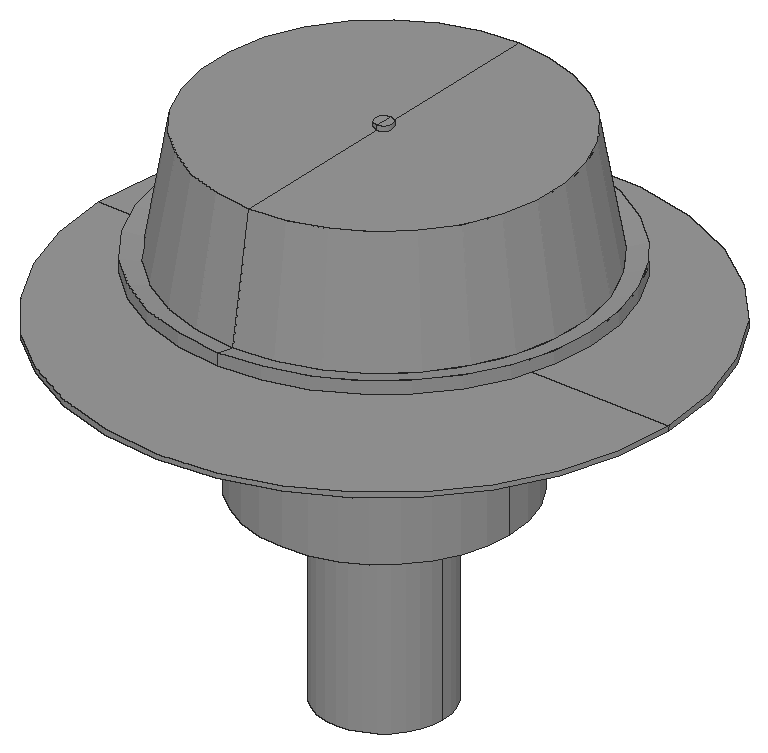
Revit family "HL_RU_Roof drain_HL62FSafe-B-221103", category Sanitärinstallationen, Revit 2020
Family settings
  Bemaßung runder Anschluss = Durchmesser verwenden
  Teiletyp = Normal
  OmniClass-Nummer = 23.70.50.21.24.14
  OmniClass-Titel = Deck Waste Water Drains
  Arbeitsebenenbasiert = Nein
  Immer vertikal = Ja
  Beim Laden mit Abzugskörper schneiden = Nein
  Gemeinsam genutzt = Nein
  Raumberechnungspunkt = Ja
Parameters (values of type "HL_Кровельная воронка_HL62FSafe_7")
  РЕШЁТКА = "Laubfangkorb d 262 mm"
  РАЗМЕР = "DN75"
  ПРОПУСКНАЯ СПОСОБНОСТЬ [instance] = 0.0 L/s
  ПРОИЗВОДИТЕЛЬНОСТЬ = "l/s"
  ПРАВОВАЯ ИНФОРМАЦИЯ = "Авторские права(©), права на дизайн или какие либо другие права интелектуальной собственности являются исключительной собственностью компании HL Hutterer & Lechner. Изменению не подлежит. Файл семейства с данными о прозводителе изделия защищен паролем с водяным знаком."
  НОМИНАЛЬНЫЙ ДИАМЕТР = 75 mm
  МАТЕРИАЛ = "PP"
  ВЫСОТА МОНТАЖА = "100mm"
  ВЕС = "2,974 [kg]"
  Vorgabe-Ansicht = 0 mm
  Hersteller = "HL Hutterer & Lechner GmbH"  # constant formula
  URL = "http://www.hutterer-lechner.com/ru/products/catalog/roof-drains/HL62FSafe/7.aspx"
  Материал плитка [instance] = none
  Lüftungsverbindung = no
  Abwasserrohrverbindung = yes
  HW-Verbindung = no
  KW-Verbindung = no
  Beschreibung = "Кровельные воронки"
  Model = "HL62FSafe_7"
  Assembly Code = " "
  Typenkommentare = "HL62FSafe/7, Воронка для аварийного водостока DN75 с корпусом из ПП, с возможностью регулировки толщины слоя воды"
  Keynote = "HL62FSafe_7"
  Bысота монтажа [instance] = 28 mm  # constant formula
  G [instance] = 180.00°  # constant formula
  EAN = "9003076040742"
  D [instance] = if(НОМИНАЛЬНЫЙ ДИАМЕТР = 75 mm, 116.6 mm, if(НОМИНАЛЬНЫЙ ДИАМЕТР = 125 mm, 67 mm, 60 mm)) + Bысота монтажа  # 144.6 mm
  C [instance] = if(Bысота монтажа - 68 mm < 0 mm, 0 mm, Bысота монтажа - 68 mm)  # 0 mm
  B [instance] = 100 mm  # constant formula
  A [instance] = if(B - 100 mm > 15 mm, B - 100 mm, 15 mm)  # 15 mm
Types (4, lengths in mm): name | РАЗМЕР | НОМИНАЛЬНЫЙ ДИАМЕТР | ВЕС | URL | Model | Typenkommentare | Keynote | EAN | D
  (no name) | "DN75" | 75 | "2,974 [kg]" | "http://www.hutterer-lechner.com/ru/products/catalog/roof-drains/HL62FSafe/7.aspx" | "HL62FSafe_7" | "HL62FSafe/7, Воронка для аварийного водостока DN75 с корпусом из ПП, с возможностью регулировки толщины слоя воды" | "HL62FSafe_7" | "9003076040742" | 144.6
  HL_Кровельная воронка_HL62FSafe_1 | "DN110" | 110 | "3,274 [kg]" | "http://www.hutterer-lechner.com/ru/products/catalog/roof-drains/HL62FSafe/1.aspx" | "HL62FSafe_1" | "HL62FSafe/1, Воронка для аварийного водостока DN110 с корпусом из ПП, с возможностью регулировки толщины слоя воды" | "HL62FSafe_1" | "9003076040759" | 88
  HL_Кровельная воронка_HL62FSafe_2 | "DN125" | 125 | "3,514 [kg]" | "http://www.hutterer-lechner.com/ru/products/catalog/roof-drains/HL62FSafe/2.aspx" | "HL62FSafe_2" | "HL62FSafe/2, Воронка для аварийного водостока DN125 с корпусом из ПП, с возможностью регулировки толщины слоя воды" | "HL62FSafe_2" | "9003076040766" | 95
  HL_Кровельная воронка_HL62FSafe_7 | "DN75" | 75 | "2,974 [kg]" | "http://www.hutterer-lechner.com/ru/products/catalog/roof-drains/HL62FSafe/7.aspx" | "HL62FSafe_7" | "HL62FSafe/7, Воронка для аварийного водостока DN75 с корпусом из ПП, с возможностью регулировки толщины слоя воды" | "HL62FSafe_7" | "9003076040742" | 144.6
Reference planes
  plane 1 "Center (Front/Back)": y = 0
  plane 2: z = 0
  plane 3 "Center (Left/Right)": x = 0
  plane 4: z = -100
  plane 5: z = -28
Lines and regions (mm)
  model lines, style "InvisibleLines"
    curve 1: line (0, 0, 0) -> (0, 0, 20)
  model lines, style "PlumbingFixtures", detail levels coarse+medium
    curve 2: line (0, 0, -100) -> (0, 0, -85)
    curve 3: line (0, 0, -85) -> (-85, 0, 0)
    curve 4: line (0, 0, -85) -> (85, 0, 0)
    curve 6: line (0, 0, -100) -> (0, 0, -244.6)
  reference lines, not visible
    curve 5: line (0, 0, -100) -> (0, 0, -244.6)
  symbolic lines, style "PlumbingFixtures", detail levels coarse+medium
    curve 7: line (-75, 75, 0) -> (75, 75, 0)
    curve 8: line (-75, -75, 0) -> (-75, 75, 0)
    curve 9: line (75, -75, 0) -> (-75, -75, 0)
    curve 10: line (75, 75, 0) -> (75, -75, 0)
    curve 11: line (-75, 75, 0) -> (-145.711, 145.711, 0)
    curve 12: line (75, 75, 0) -> (145.711, 145.711, 0)
    curve 13: line (-75, -75, 0) -> (-145.711, -145.711, 0)
    curve 14: line (75, -75, 0) -> (145.711, -145.711, 0)
  symbolic lines, style "PlumbingFixtures", not visible, detail levels coarse+medium
    curve 15: line (-75, 75, 0) -> (75, 75, 0)
    curve 16: line (-75, -75, 0) -> (-75, 75, 0)
    curve 17: line (75, -75, 0) -> (-75, -75, 0)
    curve 18: line (75, 75, 0) -> (75, -75, 0)
    curve 19: line (-75, 75, 0) -> (-145.711, 145.711, 0)
    curve 20: line (75, 75, 0) -> (145.711, 145.711, 0)
    curve 21: line (-75, -75, 0) -> (-145.711, -145.711, 0)
    curve 22: line (75, -75, 0) -> (145.711, -145.711, 0)
Text (mm)
  text "FLOOR" at (-162.344, 0, -10.979), in view "Drain Construction View"
Dimensions and locks
  "B": plane 2 to plane 4
  "Bысота монтажа": plane 2 to plane 5
  "A": curve 4 to plane 4
  "D": curve 5 to curve 5
  "D": curve 6 to curve 6
  locked: curve 4 to plane 3 "Center (Left/Right)" (angle 45.00°)
  locked: plane 3 "Center (Left/Right)" to curve 3 (angle 45.00°)
  "G": angle curve 5 to plane 3 "Center (Left/Right)"
  aligned and locked: level to plane 2
  aligned and locked: plane 2 to curve 4
  aligned and locked: plane 2 to curve 3
  aligned and locked: plane 4 to curve 5
  aligned and locked: plane 3 "Center (Left/Right)" to curve 5
  aligned and locked: plane 4 to curve 2
  aligned and locked: curve 6 to plane 3 "Center (Left/Right)"
  aligned and locked: curve 6 to plane 4
  aligned and locked: nested 1 to plane 5
  aligned and locked: plane 3 "Center (Left/Right)" to nested 1
  aligned and locked: nested 2 to plane 2
  aligned and locked: plane 3 "Center (Left/Right)" to nested 2
Automatic sketch dimensions
  curve 2 to plane 3 "Center (Left/Right)" = 0 mm
  curve 1 to plane 3 "Center (Left/Right)" = 0 mm
  curve 1 to level = 0 mm
  level to curve 1 = 20 mm
Nested families
  nested 1: "HL_кровельные воронки - корпус_HL62F" at (0, 0, -28), НОМИНАЛЬНЫЙ ДИАМЕТР <- "НОМИНАЛЬНЫЙ ДИАМЕТР", type "HL_кровельные воронки - корпус_HL62F"
    with НОМИНАЛЬНЫЙ ДИАМЕТР 75 mm, L 119.5 mm
  nested 2: "HL_Вспомогательные материалы-Противопожарная защита_HL062.1Safe" at (0, 0, 0), Bысота монтажа <- "Bысота монтажа", type "HL_Вспомогательные материалы-Противопожарная защита_HL062.1Safe"
    with Пропускная способность 0.0 L/s, L 58 mm, IHmin 28 mm, IHmax 68 mm, Bысота монтажа 28 mm
Connectors
  piping at (0, 0, -244.6), diameter 75, driven by "ПРОПУСКНАЯ СПОСОБНОСТЬ", driven by "НОМИНАЛЬНЫЙ ДИАМЕТР"
    settings: on curve 5, index 1, connector inside diameter 609.6 mm, connector length 0 mm, flow factor 0, pipe flow 0.0 L/s, pressure drop 0.0 Pa, fitting loss kfactor 0, connector angle 0.00°, fixture units 0, engagement length 0 mm, angle of deflection 0.00°, flow configuration 1, flow direction 2, fitting loss method 0, system type 16, joint type 0, gender type 0, connector reference index -1, connector utility 0, adjustable connector yes, is connector primary yes, connector description ""
Definition of nested family "HL_кровельные воронки - корпус_HL62F"
  Parameters (values of type "HL_кровельные воронки - корпус_HL62F")
    НОМИНАЛЬНЫЙ ДИАМЕТР [instance] = 110 mm
    Default Elevation = 0 mm
    Manufacturer = ""
    URL = ""
    Description = ""
    Model = ""
    L [instance] = if(НОМИНАЛЬНЫЙ ДИАМЕТР = 75 mm, 119.5 mm, if(НОМИНАЛЬНЫЙ ДИАМЕТР = 110 mm, 63 mm, if(НОМИНАЛЬНЫЙ ДИАМЕТР = 125 mm, 70 mm, 0 mm)))  # 63 mm
    Type Comments = ""
    Cost = 0
  Reference planes
    plane 1 "Střed (vpředu/vzadu)": y = 0
    plane 2: z = 0
    plane 3 "Střed (vlevo/vpravo)": x = 0
    plane 4: z = -97
  Forms (mm)
    Revolve 1, solid, detail levels fine
      sketch origin (0, 0, 0) x (1, 0, 0) y (0, 0, 1)
        loop
          line (-180, -3) -> (-81.687, -3) -> (-81.687, -17.808) -> (-79.882, -20.934) -> (-79.882, -97) -> (0, -97) -> (0, -37.3) -> (-64.783, -37.3) -> (-65.765, -29.3) -> (-74.763, -29.3) -> (-74.763, -23.875) -> (-78.907, -16.698) -> (-78.907, 0) -> (-180, 0) -> (-180, -3)
        axis (0, 0) -> (0, -97)
      angle from 0 to 360
    Extrusion 2, solid, detail levels fine
      sketch origin (-79.882, -1524, -97) x (-1, 0, 0) y (0, -1, 0)
        loop
          circle (-79.882, -1524) r 55
      from 0 to -63
  Cuts and joins
    joined: Revolve 1, Extrusion 2
  Dimensions and locks
    "L": plane 4 to cut or joined group of Revolve 1, Extrusion 2
    "НОМИНАЛЬНЫЙ ДИАМЕТР": diameter of Extrusion 2 sketch curve
    aligned and locked: level to plane 2
  Automatic sketch dimensions
    Revolve 1 sketch curve to level = 0 mm
    Revolve 1 sketch curve to plane 3 "Střed (vlevo/vpravo)" = 0 mm  (x2)
    Revolve 1 sketch curve to plane 3 "Střed (vlevo/vpravo)" = 64.783 mm
    Revolve 1 sketch curve to level = 29.3 mm
    Revolve 1 sketch curve to Revolve 1 sketch curve = 0.982 mm
    Revolve 1 sketch curve to Revolve 1 sketch curve = 8.998 mm
    Revolve 1 sketch curve to level = 16.698 mm
    Revolve 1 sketch curve to Revolve 1 sketch curve = 4.143 mm
    Revolve 1 sketch curve to Revolve 1 sketch curve = 15.099 mm
    Revolve 1 sketch curve to Revolve 1 sketch curve = 2.78 mm
    Revolve 1 sketch curve to level = 3 mm
    Revolve 1 sketch curve to Revolve 1 sketch curve = 98.313 mm
    Revolve 1 sketch curve to Revolve 1 sketch curve = 8 mm
    Revolve 1 sketch curve to Revolve 1 sketch curve = 59.7 mm
    Revolve 1 sketch curve to Revolve 1 sketch curve = 5.425 mm
    Revolve 1 sketch curve to Revolve 1 sketch curve = 4.236 mm
    Revolve 1 sketch curve to Revolve 1 sketch curve = 1.11 mm
    Revolve 1 sketch curve to Revolve 1 sketch curve = 203 mm
    level to Revolve 1 sketch curve = 295.621 mm
    plane 1 "Střed (vpředu/vzadu)" to Extrusion 2 sketch curve = 0 mm
    Extrusion 2 sketch curve to plane 3 "Střed (vlevo/vpravo)" = 0 mm
Definition of nested family "HL_Вспомогательные материалы-Противопожарная защита_HL062.1Safe"
  Parameters (values of type "HL_Вспомогательные материалы-Противопожарная защита_HL062.1Safe")
    РЕШЁТКА = "Laubfangkorb d 262 mm"
    ПРАВОВАЯ ИНФОРМАЦИЯ = "Авторские права(©), права на дизайн или какие либо другие права интелектуальной собственности являются исключительной собственностью компании HL Hutterer & Lechner. Изменению не подлежит. Файл семейства с данными о прозводителе изделия защищен паролем с водяным знаком."
    МАТЕРИАЛ = "PP"
    ВЕС = "1,25 [kg]"
    Default Elevation = 0 mm
    Manufacturer = "HL Hutterer & Lechner GmbH"
    URL = "http://www.hutterer-lechner.com/ru/products/catalog/roof-drains/HL062.1Safe.aspx"
    Материал плитка = none
    Description = "Кровельные воронки"
    Model = "HL062.1Safe"
    L [instance] = if(Bысота монтажа < IHmin, -100 mm, if(Bысота монтажа > IHmax, -100 mm, Bысота монтажа + 30 mm))  # 58 mm
    Type Comments = "HL062.1Safe, Вставка в воронку для аварийного водоотведения"
    Keynote = "HL062.1Safe"
    Bысота монтажа [instance] = 28 mm
    IHmin [instance] = 28 mm
    IHmax [instance] = 68 mm
    Пропускная способность [instance] = 0.0 L/s
    EAN = "9003076040605"
    Cost = 0
  Reference planes
    plane 1 "Střed (vpředu/vzadu)": y = 0
    plane 2: z = 0
    plane 3 "Střed (vlevo/vpravo)": x = 0
  Forms (mm)
    Revolve 1, solid, detail levels fine
      sketch origin (0, 0, 0) x (0, 1, 0) y (0, 0, 1)
        loop
          line (0, 81.1) -> (-5.25, 81.1) -> (-5.25, 78.5) -> (-106.614, 78.5) -> (-119.486, 5.5) -> (-101.611, 5.5) -> (-90.568, 68.124) -> (0, 68.124) -> (0, 81.1)
        axis (0, 81.1) -> (0, 5.5)
      angle from 0 to 360
    Extrusion 2, solid, detail levels fine
      sketch origin (0, 0, 68.124) x (-1, 0, 0) y (0, 1, 0)
        loop
          circle (-50, 0) r 11.945
      from 0 to 82.224
    Extrusion 3, solid, detail levels fine
      sketch origin (-100, 0, 68.124) x (-1, 0, 0) y (0, 1, 0)
        loop
          circle (-50, 0) r 11.945
      from 0 to 82.224
    Revolve 4, solid, detail levels fine
      sketch origin (0, 0, 0) x (0, 1, 0) y (0, 0, 1)
        loop
          line (-130.983, 7.735) -> (-130.983, 0) -> (-69.061, 0) -> (-64.445, -4.616) -> (-64.445, -65.123) -> (-63.068, -66.5) -> (-58.068, -66.5) -> (-58.068, -4.58) -> (-68.148, 5.5) -> (-119.486, 5.5) -> (-130.983, 7.735)
        axis (0, 7.735) -> (0, -66.5)
      angle from 0 to 360
    Revolve 5, solid, detail levels fine
      sketch origin (0, 69.895, -58) x (0, -1, 0) y (0, 0, -1)
        loop
          line (149.29, -29.5) -> (149.29, -9.5) -> (139.79, 0) -> (134.34, 0) -> (134.34, -44) -> (138.069, -44) -> (138.069, -29.5) -> (149.29, -29.5)
        axis (69.895, -44) -> (69.895, 0)
      angle from 0 to 360
  Lines and regions (mm)
    reference lines
      curve 1: line (0, 69.895, -58) -> (0, -190.105, -58)
  Dimensions and locks
    "L": curve 1 to plane 2
    aligned and locked: level to plane 2
  Automatic sketch dimensions
    Revolve 1 sketch curve to plane 1 "Střed (vpředu/vzadu)" = 0 mm  (x2)
    plane 1 "Střed (vpředu/vzadu)" to Revolve 1 sketch curve = 5.25 mm
    Revolve 1 sketch curve to Revolve 1 sketch curve = 85.318 mm
    level to Revolve 1 sketch curve = 5.5 mm
    Revolve 1 sketch curve to Revolve 1 sketch curve = 11.042 mm
    Revolve 1 sketch curve to Revolve 1 sketch curve = 16.046 mm
    Revolve 1 sketch curve to Revolve 1 sketch curve = 17.876 mm
    Revolve 1 sketch curve to Revolve 1 sketch curve = 62.624 mm
    Revolve 1 sketch curve to Revolve 1 sketch curve = 10.376 mm
    Revolve 1 sketch curve to Revolve 1 sketch curve = 2.6 mm
    Revolve 1 sketch curve to Revolve 1 sketch curve = 40 mm
    Revolve 1 sketch curve to Revolve 1 sketch curve = 25 mm
    Extrusion 2 sketch curve to Revolve 1 = 50 mm
    Revolve 1 to Extrusion 3 sketch curve = 50 mm
    level to Revolve 4 sketch curve = 0 mm
    Revolve 4 sketch curve to plane 1 "Střed (vpředu/vzadu)" = 0 mm
    plane 1 "Střed (vpředu/vzadu)" to Revolve 4 sketch curve = 58.068 mm
    Revolve 4 sketch curve to Revolve 4 sketch curve = 5 mm
    Revolve 4 sketch curve to Revolve 4 sketch curve = 1.377 mm  (x2)
    Revolve 4 sketch curve to Revolve 4 sketch curve = 3.703 mm
    Revolve 4 sketch curve to Revolve 4 sketch curve = 0.913 mm
    level to Revolve 4 sketch curve = 5.5 mm
    Revolve 4 sketch curve to Revolve 4 sketch curve = 50.425 mm
    Revolve 4 sketch curve to Revolve 4 sketch curve = 11.497 mm
    Revolve 4 sketch curve to level = 4.58 mm
    Revolve 4 sketch curve to level = 4.616 mm
    Revolve 4 sketch curve to Revolve 4 sketch curve = 60.507 mm
    level to Revolve 4 sketch curve = 7.735 mm
    Revolve 4 sketch curve to Revolve 4 sketch curve = 10 mm
    Revolve 4 sketch curve to Revolve 4 sketch curve = 35 mm
    Revolve 5 sketch curve to curve 1 = 0 mm
    curve 1 to Revolve 5 sketch curve = 44 mm
    Revolve 5 sketch curve to curve 1 = 125.66 mm
    Revolve 5 sketch curve to Revolve 5 sketch curve = 3.729 mm
    Revolve 5 sketch curve to Revolve 5 sketch curve = 5.45 mm
    Revolve 5 sketch curve to Revolve 5 sketch curve = 11.221 mm
    Revolve 5 sketch curve to Revolve 5 sketch curve = 14.5 mm
    curve 1 to Revolve 5 sketch curve = 9.5 mm
    curve 1 to Revolve 5 sketch curve = 69.895 mm
    Revolve 5 sketch curve to curve 1 = 15 mm
    Revolve 5 sketch curve to Revolve 5 sketch curve = 40 mm
    plane 1 "Střed (vpředu/vzadu)" to curve 1 = 190.105 mm
    curve 1 to plane 1 "Střed (vpředu/vzadu)" = 69.895 mm
    radius of Extrusion 2 sketch curve = 11.945 mm
    radius of Extrusion 3 sketch curve = 11.945 mm
